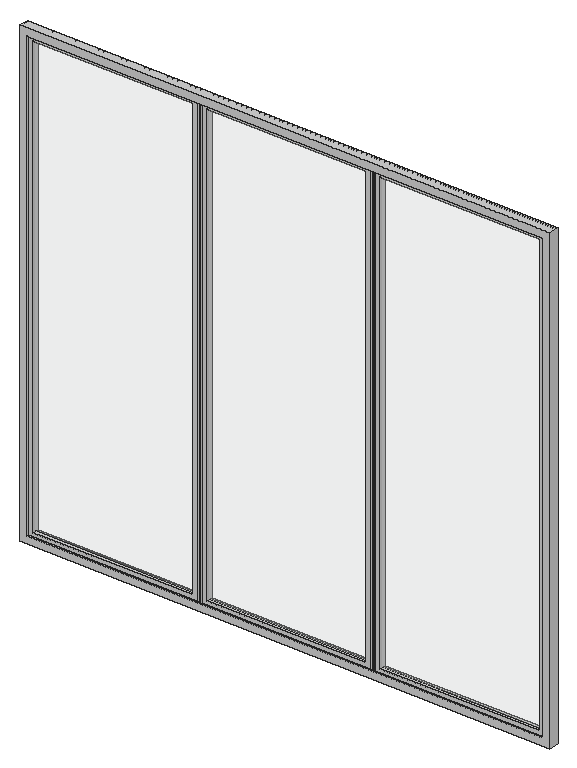
Revit family "Door_Fixed Panel_The Sliding Door Company_3-Panel Fixed", category Doors, host Wall, Revit 2019
Family settings
  Host = Wall
  OmniClass Number = 23.30.10.00
  OmniClass Title = Doors
  Always vertical = Yes
  Cut with Voids When Loaded = No
  Shared = No
  Room Calculation Point = No
Parameters (values of type "3 Fixed Panels")
  URL = "https://www.slidingdoorco.com"
  Thickness = 1 1/4"  # constant formula
  Rough Width = Finished Opening or Order Width + 5/8" * 2  # 113 93/128"
  Rough Height = Finished Opening Height + 5/8"  # 98 5/8"
  Panel Width = (Width - 2") / 3  # 36.82552"
  Panel Height = Height - 1 1/2"  # 96 1/2"
  Model = "Fixed Panel System"  # constant formula
  Manufacturer = "The Sliding Door Company"  # constant formula
  Limitations = "Panel Width x System Height cannot exceed 7,400 square inches"  # constant formula
  Glass Thickness = "Available in: 5mm Tempered, 7mm,10mm,11mm Laminated Glass"  # constant formula
  Glass Material [instance] = TSDC - Glass - Clear
  Function = Interior
  Height = if(Finished Opening Height > 122", 122", Finished Opening Height)  # 98"
  Wall Closure = By host
  Width = if(Finished Opening or Order Width > 158", 158", Finished Opening or Order Width)  # 112 61/128"
  Stile and Rail = 1 1/2"
  Fire Rating = "N/A"  # constant formula
  Finished Opening or Order Width = 112 61/128"
  Finished Opening Height = 98"
  Door Casing Material [instance] = TSDC - Casing/Upper Track - Anodized Aluminum Silver
  Description = "3 Fixed Panel System"  # constant formula
  Contact The Sliding Door Company = "https://www.slidingdoorco.com/contact"
  Construction Type = "Fixed Panel System"  # constant formula
  Analytic Construction = "<None>"
  3" Frame (No Support Dividers) = "Max. H=122 in., Max. W=158 in. (52 in. panel width)"  # constant formula
  1 1/2" Frame (No Support Dividers) = "Max. H=108 in., Max. W=152 in. (50 in. panel width)"  # constant formula
Reference planes (in)
  plane 1 "Center (Front/Back)": y = 0
  plane 2 "Center (Left/Right)": x = 0
  plane 3 "Top": z = 98
  plane 4 "Exterior": y = 6
  plane 5 "Interior": y = -6
  plane 6 "2": z = 96.375
  plane 7 "3": z = 97.25
  plane 8: y = -0.67851
  plane 9: x = -56.23828
  plane 10: x = 56.23828
  plane 11: x = 55.23828
  plane 12: x = -55.23828
  plane 13: x = -18.41276
  plane 14: x = 18.41276
  plane 15: z = 0.75
Forms (in)
  Extrusion 1, solid, material "TSDC - Casing/Upper Track - Anodized Aluminum Silver" <- "Door Casing Material"
    sketch origin (40.75888, -1.3998, 0) x (-1, 0, 0) y (0, 0, -1)
      loop
        line (95.99716, -97.25) -> (95.99716, -0.75) -> (59.17164, -0.75) -> (59.17164, -97.25) -> (95.99716, -97.25)
      loop
        line (94.49716, -95.75) -> (94.49716, -2.25) -> (60.67164, -2.25) -> (60.67164, -95.75) -> (94.49716, -95.75)
    from 3 to 4.25
  Extrusion 2, solid, material "TSDC - Glass - Clear" <- "Glass Material"
    sketch origin (40.75888, -1.8998, 0) x (-1, 0, 0) y (0, 0, -1)
      loop
        line (94.49716, -95.75) -> (94.49716, -2.25) -> (60.67164, -2.25) -> (60.67164, -95.75) -> (94.49716, -95.75)
    from 3 to 3.25
  Extrusion 3, solid, material "TSDC - Casing/Upper Track - Anodized Aluminum Silver" <- "Door Casing Material"
    sketch origin (28.93339, -2.06132, 0) x (1, 0, 0) y (0, 1, 0)
      loop
        line (-47.4399, -3.58848) -> (-47.72115, -3.58848) -> (-47.72115, -3.62754) -> (-46.97115, -3.62754) -> (-46.97115, -3.58848) -> (-47.2524, -3.58848) -> (-47.2524, -2.33848) -> (-46.97115, -2.33848) -> (-46.97115, -2.29942) -> (-47.72115, -2.29942) -> (-47.72115, -2.33848) -> (-47.4399, -2.33848) -> (-47.4399, -3.58848)
    from 0.75 to 97.25
  Sweep 4, solid, material "TSDC - Casing/Upper Track - Anodized Aluminum Silver" <- "Door Casing Material"
    path origin (0, 0, 0) x (1, 0, 0) y (0, 0, 1)
      loop
        line (56.23828, 98) -> (-56.23828, 98) -> (-56.23828, 0) -> (56.23828, 0) -> (56.23828, 98)
    profile origin (0, 0, 98) x (0, 0, -1) y (0, -1, 0)
      loop
        line (0, 6) -> (0, 4.0248) -> (1.5, 4.0248) -> (1.5, 4.36074) -> (0.0625, 4.36074) -> (0.0625, 5.68886) -> (1.5, 5.68886) -> (1.5, 6) -> (0, 6)
  Extrusion 5, solid, material "TSDC - Casing/Upper Track - Anodized Aluminum Silver" <- "Door Casing Material"
    sketch origin (75.42555, -1.3998, 0) x (-1, 0, 0) y (0, 0, -1)
      loop
        line (93.83831, -97.25) -> (93.83831, -0.75) -> (57.01278, -0.75) -> (57.01278, -97.25) -> (93.83831, -97.25)
      loop
        line (92.33831, -95.75) -> (92.33831, -2.25) -> (58.51278, -2.25) -> (58.51278, -95.75) -> (92.33831, -95.75)
    from 3 to 4.25
  Extrusion 6, solid, material "TSDC - Glass - Clear" <- "Glass Material"
    sketch origin (75.42555, -1.8998, 0) x (-1, 0, 0) y (0, 0, -1)
      loop
        line (92.33831, -95.75) -> (92.33831, -2.25) -> (58.51278, -2.25) -> (58.51278, -95.75) -> (92.33831, -95.75)
    from 3 to 3.25
  Extrusion 7, solid, material "TSDC - Casing/Upper Track - Anodized Aluminum Silver" <- "Door Casing Material"
    sketch origin (63.60005, -2.06132, 0) x (1, 0, 0) y (0, 1, 0)
      loop
        line (-45.28104, -3.58848) -> (-45.56229, -3.58848) -> (-45.56229, -3.62754) -> (-44.81229, -3.62754) -> (-44.81229, -3.58848) -> (-45.09354, -3.58848) -> (-45.09354, -2.33848) -> (-44.81229, -2.33848) -> (-44.81229, -2.29942) -> (-45.56229, -2.29942) -> (-45.56229, -2.33848) -> (-45.28104, -2.33848) -> (-45.28104, -3.58848)
    from 0.75 to 97.25
  Extrusion 8, solid, material "TSDC - Casing/Upper Track - Anodized Aluminum Silver" <- "Door Casing Material"
    sketch origin (110.09221, -1.3998, 0) x (-1, 0, 0) y (0, 0, -1)
      loop
        line (91.67945, -97.25) -> (91.67945, -0.75) -> (54.85393, -0.75) -> (54.85393, -97.25) -> (91.67945, -97.25)
      loop
        line (90.17945, -95.75) -> (90.17945, -2.25) -> (56.35393, -2.25) -> (56.35393, -95.75) -> (90.17945, -95.75)
    from 3 to 4.25
  Extrusion 9, solid, material "TSDC - Glass - Clear" <- "Glass Material"
    sketch origin (110.09221, -1.8998, 0) x (-1, 0, 0) y (0, 0, -1)
      loop
        line (90.17945, -95.75) -> (90.17945, -2.25) -> (56.35393, -2.25) -> (56.35393, -95.75) -> (90.17945, -95.75)
    from 3 to 3.25
Lines and regions (in)
  Opening 1
    outline origin (-60, -6, 0) x (1, 0, 0) y (0, 0, 1)
      loop
        line (116.23828, 98) -> (3.76172, 98) -> (3.76172, 0) -> (116.23828, 0) -> (116.23828, 98)
  model lines, not visible
    curve 1: line (-29.8125, -2.71348, 0) -> (-29.8125, -1.28652, 0)
    curve 2: line (-28.3125, -3, 0) -> (-29.8125, -3, 0)
    curve 3: line (-29.23047, -1.28652, 0) -> (-29.8125, -1.28652, 0)
    curve 4: line (-29.75, -2.65098, 0) -> (-29.75, -1.34902, 0)
    curve 5: line (-29.23047, -1.07167, 0) -> (-29.23047, -1.28652, 0)
    curve 6: line (-29.16797, -1.07167, 0) -> (-29.23047, -1.07167, 0)
    curve 7: line (-29.16797, -1.28652, 0) -> (-29.16797, -1.07167, 0)
    curve 8: line (-28.42188, -1.07167, 0) -> (-28.42188, -1.28652, 0)
    curve 9: line (-28.35938, -1.34902, 0) -> (-28.35938, -1.07167, 0)
    curve 10: line (-28.42188, -1.28652, 0) -> (-29.16797, -1.28652, 0)
    curve 11: line (-28.35938, -1.07167, 0) -> (-28.42188, -1.07167, 0)
    curve 12: line (-28.35938, -1.34902, 0) -> (-29.75, -1.34902, 0)
    curve 13: line (-29.23047, -2.71348, 0) -> (-29.8125, -2.71348, 0)
    curve 14: line (-29.23047, -2.92833, 0) -> (-29.23047, -2.71348, 0)
    curve 15: line (-29.16797, -2.92833, 0) -> (-29.23047, -2.92833, 0)
    curve 16: line (-29.16797, -2.71348, 0) -> (-29.16797, -2.92833, 0)
    curve 17: line (-28.42188, -2.92833, 0) -> (-28.42188, -2.71348, 0)
    curve 18: line (-28.35938, -2.65098, 0) -> (-28.35938, -2.92833, 0)
    curve 19: line (-28.42188, -2.71348, 0) -> (-29.16797, -2.71348, 0)
    curve 20: line (-28.35938, -2.92833, 0) -> (-28.42188, -2.92833, 0)
    curve 21: line (-28.35938, -2.65098, 0) -> (-29.75, -2.65098, 0)
    curve 22: line (-28.3125, -1.0248, 0) -> (-29.8125, -1.0248, 0)
    curve 23: line (-29.8125, -1.0248, 0) -> (-29.8125, -1.2748, 0)
    curve 24: line (-29.8125, -1.2748, 0) -> (29.8125, -1.2748, 0)
    curve 25: line (-29.77734, -1.2748, 0) -> (-29.77734, -1.05996, 0)
    curve 26: line (-29.24219, -1.2748, 0) -> (-29.24219, -1.05996, 0)
    curve 27: line (-29.27734, -1.05996, 0) -> (-29.27734, -1.2748, 0)
    curve 28: line (-29.77734, -1.05996, 0) -> (-28.34766, -1.05996, 0)
    curve 29: line (-28.34766, -1.05996, 0) -> (-28.34766, -1.34902, 0)
    curve 30: line (-28.3125, -1.34902, 0) -> (-28.3125, -1.0248, 0)
    curve 31: line (-28.34766, -1.34902, 0) -> (-28.3125, -1.34902, 0)
Text (in)
  text "Exterior" at (-165.54235, 27.31104, 0), in view "Ref. Level"
  text "Interior" at (-165.54235, -25.14366, 0), in view "Ref. Level"
  text "Exterior" at (0, 40.15149, 123.01588), in view "Right"
  text "Interior" at (0, -64.39139, 123.01588), in view "Right"
  text "Interior" at (0, -31.01599, 123.00693), in view "Left"
  text "Exterior" at (0, 54.57065, 123.00693), in view "Left"
Dimensions and locks (in)
  "Height": level to plane 3 "Top"
  locked: plane 6 "2" to plane 3 "Top" at 1.625
  locked: plane 7 "3" to plane 3 "Top" at 0.75
  "Stile and Rail": Extrusion 1 to Extrusion 1  (x4)
  equal spacing: plane 9, plane 2 "Center (Left/Right)", plane 10
  "Width": plane 9 to plane 10
  locked: plane 9 to plane 12 at 1
  locked: plane 11 to plane 10 at 1
  plane 5 "Interior" to Extrusion 1 to Extrusion 1 = 0.3502" locked, 1 1/4" locked
  plane 5 "Interior" to Extrusion 2 to Extrusion 2 = 0.8502" locked, 1/4" locked
  plane 5 "Interior" to Extrusion 3 to Extrusion 3 to Extrusion 3 to Extrusion 3 = 0.31114" locked, 5/128" locked, 1 1/4" locked, 5/128" locked
  locked: Extrusion 1 to Extrusion 1 at 1.25
  Sweep 4 to Sweep 4 to Sweep 4 to Sweep 4 = 43/128" locked, 1 21/64" locked, 0.31114" locked
  equal spacing: plane 12, plane 13, plane 14, plane 11
  "Stile and Rail": Extrusion 5 to Extrusion 5  (x4)
  locked: Extrusion 5 to Extrusion 5 at 1.25  (x2)
  locked: Extrusion 6 to Extrusion 6 at 0.25
  plane 5 "Interior" to Extrusion 7 to Extrusion 7 to Extrusion 7 to Extrusion 7 = 0.31114" locked, 5/128" locked, 1 1/4" locked, 5/128" locked
  "Stile and Rail": Extrusion 8 to Extrusion 8  (x4)
  locked: Extrusion 8 to Extrusion 8 at 1.25  (x2)
  locked: Extrusion 9 to Extrusion 9 at 0.25
  plane 5 "Interior" to Extrusion 5 to Extrusion 5 = 0.3502" locked, 1 1/4" locked
  plane 5 "Interior" to Extrusion 8 to Extrusion 8 = 0.3502" locked, 1 1/4" locked
  plane 5 "Interior" to Extrusion 6 to Extrusion 6 = 0.8502" locked, 1/4" locked
  plane 5 "Interior" to Extrusion 9 to Extrusion 9 = 0.8502" locked, 1/4" locked
  aligned and locked: plane 4 "Exterior" to host wall
  aligned and locked: host wall to plane 5 "Interior"
  aligned and locked: Extrusion 3 to plane 7 "3"
  aligned and locked: Opening 1 sketch curve to plane 3 "Top"
  aligned and locked: plane 10 to Opening 1 sketch curve
  aligned and locked: Sweep 4 sketch curve to host wall  (x3)
  aligned and locked: profile plane to Sweep 4 sketch curve
  aligned and locked: host wall to Sweep 4 sketch curve
  aligned and locked: Extrusion 3 to Sweep 4 sketch curve
  aligned and locked: Sweep 4 sketch curve to Extrusion 3
  aligned and locked: Extrusion 2 to Extrusion 1  (x4)
  aligned and locked: Extrusion 6 to Extrusion 5  (x3)
  aligned and locked: Extrusion 9 to Extrusion 8  (x2)
  aligned and locked: plane 11 to Extrusion 8
  aligned and locked: Extrusion 7 to plane 7 "3"
  aligned and locked: Extrusion 1 to Extrusion 6
  aligned and locked: Extrusion 9 to Extrusion 5
  aligned and locked: Extrusion 1 to Extrusion 9
  aligned and locked: Extrusion 1 to plane 15
  aligned and locked: Extrusion 3 to Extrusion 1
  aligned and locked: Extrusion 5 to Extrusion 1
  aligned and locked: Extrusion 7 to Extrusion 1
  aligned and locked: Extrusion 8 to Extrusion 1
Automatic sketch dimensions
  curve 24 to curve 1 = 0"
  curve 2 to curve 1 = 0"
  curve 22 to curve 28 = 9/256"
  curve 1 to curve 4 = 1/16"
  curve 4 to curve 14 = 133/256"
  curve 4 to curve 3 = 133/256"
  curve 3 to curve 10 = 1/16"
  curve 13 to curve 16 = 1/16"
  curve 16 to curve 19 = 191/256"
  curve 6 to curve 8 = 191/256"
  curve 17 to curve 18 = 1/16"
  curve 8 to curve 12 = 1/16"
  curve 18 to curve 2 = 3/64"
  curve 2 to curve 20 = 0.07167"
  curve 2 to curve 16 = 0.07167"
  curve 15 to curve 16 = 55/256"
  curve 14 to curve 16 = 0"
  curve 17 to curve 21 = 1/16"
  curve 18 to curve 12 = 1.30196"
  curve 9 to curve 10 = 1/16"
  curve 5 to curve 7 = 0"
  curve 1 to curve 24 = 3/256"
  curve 26 to curve 5 = 13/64"
  curve 8 to curve 11 = 55/256"
  curve 25 to curve 28 = 55/256"
  curve 25 to curve 22 = 9/256"
  curve 27 to curve 5 = 3/64"
  curve 26 to curve 5 = 3/256"
  curve 9 to curve 29 = 3/256"
  curve 28 to curve 31 = 9/256"
  curve 28 to curve 24 = 58 41/256"
  curve 9 to curve 30 = 0"
  Extrusion 1 sketch curve to plane 7 "3" = 0"
  Extrusion 1 sketch curve to plane 13 = 0"
  Extrusion 1 sketch curve to plane 12 = 0"
  Extrusion 1 sketch curve to plane 13 = 1 1/2"
  plane 12 to Extrusion 1 sketch curve = 1 1/2"
  plane 6 "2" to Extrusion 1 sketch curve = 5/8"
  Extrusion 2 sketch curve to plane 13 = 1 1/2"
  plane 12 to Extrusion 2 sketch curve = 1 1/2"
  plane 6 "2" to Extrusion 2 sketch curve = 5/8"
  Extrusion 3 sketch curve to plane 13 = 3/8"  (x2)
  Extrusion 3 sketch curve to plane 13 = 3/32"
  plane 13 to Extrusion 3 sketch curve = 3/32"
  Extrusion 3 sketch curve to Extrusion 3 sketch curve = 9/32"  (x2)
  Extrusion 3 sketch curve to host wall = 0.31114"
  Extrusion 3 sketch curve to Extrusion 3 sketch curve = 5/128"  (x3)
  plane 8 to Extrusion 3 sketch curve = 3.72129"
  Extrusion 3 sketch curve to Extrusion 3 sketch curve = 0"
  Opening 1 sketch curve to plane 9 = 0"
  Opening 1 sketch curve to level = 0"
  Sweep 4 sketch curve to level = 0"
  Sweep 4 sketch curve to profile plane = 1/16"
  Sweep 4 sketch curve to Sweep 4 sketch curve = 1 7/16"
  Sweep 4 sketch curve to Sweep 4 sketch curve = 0"
  Sweep 4 sketch curve to Sweep 4 sketch curve = 43/128"
  Extrusion 5 sketch curve to plane 7 "3" = 0"
  Extrusion 5 sketch curve to plane 14 = 0"
  Extrusion 5 sketch curve to plane 13 = 0"
  Extrusion 5 sketch curve to plane 14 = 1 1/2"
  plane 13 to Extrusion 5 sketch curve = 1 1/2"
  plane 6 "2" to Extrusion 5 sketch curve = 5/8"
  Extrusion 6 sketch curve to plane 14 = 1 1/2"
  plane 13 to Extrusion 6 sketch curve = 1 1/2"
  plane 6 "2" to Extrusion 6 sketch curve = 5/8"
  Extrusion 7 sketch curve to plane 14 = 3/8"  (x2)
  Extrusion 7 sketch curve to plane 14 = 3/32"
  plane 14 to Extrusion 7 sketch curve = 3/32"
  Extrusion 7 sketch curve to Extrusion 7 sketch curve = 9/32"  (x2)
  Extrusion 7 sketch curve to host wall = 0.31114"
  Extrusion 7 sketch curve to Extrusion 7 sketch curve = 5/128"  (x3)
  plane 8 to Extrusion 7 sketch curve = 3.72129"
  Extrusion 7 sketch curve to Extrusion 7 sketch curve = 0"
  Extrusion 8 sketch curve to plane 7 "3" = 0"
  Extrusion 8 sketch curve to plane 11 = 0"
  Extrusion 8 sketch curve to plane 14 = 0"
  Extrusion 8 sketch curve to plane 11 = 1 1/2"
  plane 14 to Extrusion 8 sketch curve = 1 1/2"
  plane 6 "2" to Extrusion 8 sketch curve = 5/8"
  Extrusion 9 sketch curve to plane 11 = 1 1/2"
  plane 14 to Extrusion 9 sketch curve = 1 1/2"
  plane 6 "2" to Extrusion 9 sketch curve = 5/8"
  plane 15 to Extrusion 1 sketch curve = 1 1/2"
  Extrusion 1 sketch curve to plane 15 = 0"
  plane 15 to Extrusion 2 sketch curve = 1 1/2"
  plane 15 to Extrusion 5 sketch curve = 1 1/2"
  Extrusion 5 sketch curve to plane 15 = 0"
  plane 15 to Extrusion 6 sketch curve = 1 1/2"
  plane 15 to Extrusion 8 sketch curve = 1 1/2"
  Extrusion 8 sketch curve to plane 15 = 0"
  plane 15 to Extrusion 9 sketch curve = 1 1/2"
